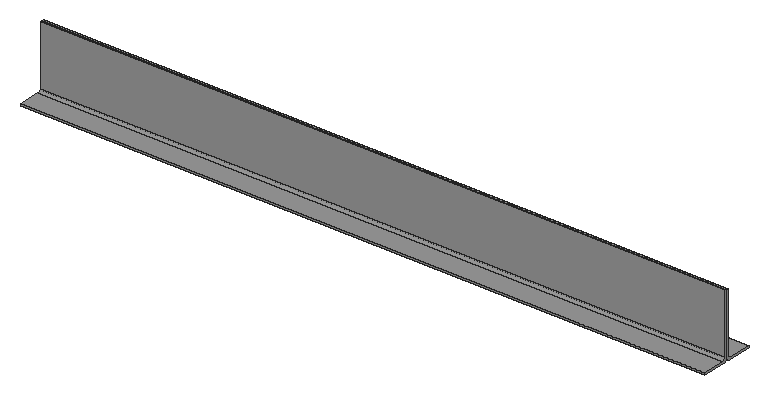
Revit family "SW K 100", category Generic Models, Revit 2014
Parameters (values of type "Max lintel length 2700mm")
  URL = "http://www.keystonelintels.co.uk"
  Structural Opening [instance] = 900 mm
  Structural Performance = "The Keystone lintel range has safe working loads as detailed in each applicable loading table in the Keystone Lintel Guide brochure. The structural performance figures within each table have been ascertained by testing in accordance with the requirements of standards BS EN 5977-2: 1983 and BS EN 845-2: 2003."
  RIBA Productor Selector = "available for Keystone Lintels Ltd from Keystone Lintels Ltd from ribaproductselector.com"
  Model = "SW/K 100"
  Min Length = 600 mm
  Min Clear Span = 300 mm
  Max Length = 2700 mm
  Max Clear Span = 2700 mm
  Material - Stainless Steel = "Grade 304 2b 1.4307 to BS EN 10088-2. Other grades available on request: contact manufacturer."
  Material - Galvanised Steel = "To BS EN 10346: 2009. DX51D plus Z600 or grade Z275 to BS 5977-2: 1983 (BS EN 845-2: 2003)."
  Manufacturer = "Keystone"
  Manufactured Length [instance] = (roundup(Effective Length / 150 mm) * 150 mm)  # 1200 mm
  Lintel height [instance] = 2100 mm
  Keynote = "F30/755"
  Fire Performance = "Keystone lintels have been subjected to a fire test (WARRES No. 101263) in accordance with BS 476-20: 1987, at Exova Warrington Fire and achieved a one hour fire performance."
  End Bearing = 150 mm
  Effective Length [instance] = Clear Opening with MIN MAX set + End Bearing * 2  # 1200 mm
  Corrosion = "Keystone’s standard range of lintels are manufactured from high quality grade pre-galvanized carbon steel with a zinc coating of 600"
  Contact Tel = "+44 (0)28 8676 2184"
  Contact Email = "info@keystonelintels.co.uk"
  Clear Opening with MIN MAX set [instance] = if(Structural Opening < Min Clear Span, Min Clear Span, (if(Structural Opening > Max Clear Span, Max Clear Span, Structural Opening)))  # 900 mm
  CPD Information = "Available for Keystone Lintels Ltd from ribacpd.com"
Reference planes
  plane 1 "Center (Front/Back)": y = 0
  plane 2: z = 0
  plane 3 "Center (Left/Right)": x = 0
  plane 4: x = -600
  plane 5: x = 600
  plane 6: z = 2100
  plane 7: x = -450
  plane 8: x = 450
Forms (mm)
  Extrusion 1, solid, material "Steel"
    sketch origin (0, 716.986, -553.741) x (0, 1, 0) y (0, 0, 1)
      loop
        line (-669.486, 2653.741) -> (-669.486, 2656.941) -> (-708.786, 2656.941)
        arc (-708.786, 2656.941) -> (-712.322, 2658.406) -> (-713.786, 2661.941) r 5
        line (-713.786, 2661.941) -> (-713.786, 2766.741) -> (-716.986, 2766.741) -> (-716.986, 2661.941)
        arc (-716.986, 2661.941) -> (-714.584, 2656.143) -> (-708.786, 2653.741) r 8.2
        line (-708.786, 2653.741) -> (-669.486, 2653.741)
    from -600 to 600
  Extrusion 2, solid, material "Steel"
    sketch origin (0, 716.986, -553.741) x (0, 1, 0) y (0, 0, 1)
      loop
        line (-764.486, 2653.741) -> (-725.186, 2653.741)
        arc (-725.186, 2653.741) -> (-719.388, 2656.143) -> (-716.986, 2661.941) r 8.2
        line (-716.986, 2661.941) -> (-716.986, 2766.741) -> (-720.186, 2766.741) -> (-720.186, 2661.941)
        arc (-720.186, 2661.941) -> (-721.651, 2658.406) -> (-725.186, 2656.941) r 5
        line (-725.186, 2656.941) -> (-764.486, 2656.941) -> (-764.486, 2653.741)
    from -600 to 600
  Extrusion 3, solid, not visible
    sketch origin (0, 796.678, 1130.729) x (0, 1, 0) y (0, 0, 1)
      loop
        line (-669.486, 1053.741) -> (-669.486, 1056.941) -> (-708.786, 1056.941)
        arc (-708.786, 1056.941) -> (-712.322, 1058.406) -> (-713.786, 1061.941) r 5
        line (-713.786, 1061.941) -> (-713.786, 1166.741) -> (-716.986, 1166.741) -> (-716.986, 1061.941)
        arc (-716.986, 1061.941) -> (-714.584, 1056.143) -> (-708.786, 1053.741) r 8.2
        line (-708.786, 1053.741) -> (-669.486, 1053.741)
    from 0 to 250
  Extrusion 4, solid, not visible
    sketch origin (0, 622.18, 1157.469) x (0, 1, 0) y (0, 0, 1)
      loop
        line (-764.486, 1053.741) -> (-725.186, 1053.741)
        arc (-725.186, 1053.741) -> (-719.388, 1056.143) -> (-716.986, 1061.941) r 8.2
        line (-716.986, 1061.941) -> (-716.986, 1166.741) -> (-720.186, 1166.741) -> (-720.186, 1061.941)
        arc (-720.186, 1061.941) -> (-721.651, 1058.406) -> (-725.186, 1056.941) r 5
        line (-725.186, 1056.941) -> (-764.486, 1056.941) -> (-764.486, 1053.741)
    from 0 to 250
Dimensions and locks
  equal spacing: plane 4, plane 3 "Center (Left/Right)", plane 5
  "Manufactured Length": plane 4 to plane 5
  "Lintel height": plane 6 to level
  "Structural Opening": plane 7 to plane 8
  equal spacing: plane 7, plane 3 "Center (Left/Right)", plane 8
  aligned and locked: level to plane 2
  aligned and locked: Extrusion 1 to plane 6
  aligned and locked: Extrusion 2 to plane 6
  aligned and locked: plane 5 to Extrusion 2
  aligned and locked: Extrusion 2 to plane 4
  aligned and locked: plane 5 to Extrusion 1
  aligned and locked: Extrusion 1 to plane 4
Automatic sketch dimensions
  Extrusion 1 sketch curve to Extrusion 1 sketch curve = 39.3 mm
  Extrusion 1 sketch curve to Extrusion 1 sketch curve = 3.2 mm
  Extrusion 1 sketch curve to Extrusion 1 sketch curve = 0 mm  (x4)
  Extrusion 1 sketch curve to Extrusion 1 sketch curve = 5 mm
  Extrusion 1 sketch curve to Extrusion 1 sketch curve = 104.8 mm
  Extrusion 2 sketch curve to Extrusion 2 sketch curve = 39.3 mm
  Extrusion 2 sketch curve to Extrusion 2 sketch curve = 3.2 mm
  Extrusion 2 sketch curve to Extrusion 2 sketch curve = 5 mm
  Extrusion 2 sketch curve to Extrusion 2 sketch curve = 104.8 mm
  Extrusion 3 sketch curve to Extrusion 3 sketch curve = 39.3 mm
  Extrusion 3 sketch curve to Extrusion 3 sketch curve = 3.2 mm
  Extrusion 3 sketch curve to Extrusion 3 sketch curve = 0 mm  (x4)
  Extrusion 3 sketch curve to Extrusion 3 sketch curve = 5 mm
  Extrusion 3 sketch curve to Extrusion 3 sketch curve = 104.8 mm
  Extrusion 2 sketch curve to Extrusion 2 sketch curve = 0 mm  (x4)
  Extrusion 4 sketch curve to Extrusion 4 sketch curve = 39.3 mm
  Extrusion 4 sketch curve to Extrusion 4 sketch curve = 3.2 mm
  Extrusion 4 sketch curve to Extrusion 4 sketch curve = 5 mm
  Extrusion 4 sketch curve to Extrusion 4 sketch curve = 0 mm  (x4)
  Extrusion 4 sketch curve to Extrusion 4 sketch curve = 104.8 mm
  Extrusion 2 sketch curve to plane 6 = 0 mm
  Extrusion 2 sketch curve to plane 1 "Center (Front/Back)" = 0 mm
  Extrusion 1 sketch curve to plane 1 "Center (Front/Back)" = 0 mm
  Extrusion 1 sketch curve to plane 6 = 0 mm
